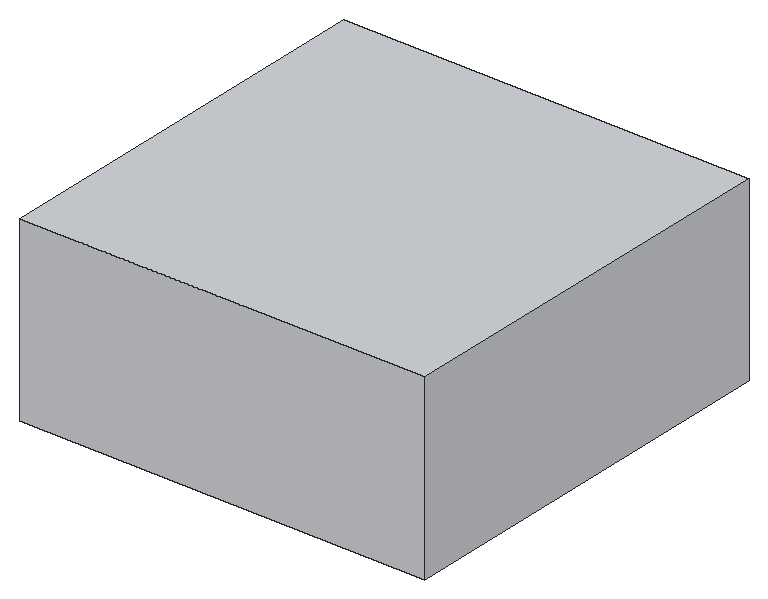
Revit family "M_Caixa de junção do conduíte - T - Alumínio", category Conexões do conduite, Revit 2019
Family settings
  Cota do conector redondo = Usar raio
  Tipo de parte = Tê
  Número OmniClass = 23.80.30.17.11
  Título OmniClass = Conduits
  ID de item do Seek = Conduit Junction Box - Tee - Aluminum-0000-CAN-ENU
  Com base no plano de trabalho = Não
  Sempre na vertical = Sim
  Corte com vazios quando carregada = Não
  Compartilhado = Não
Parameters (values of type "Padrão")
  Largura [instance] = Comprimento  # 116 mm
  Raio nominal 3 [instance] = 8 mm
  Raio nominal 2 [instance] = 8 mm
  Raio nominal 1 [instance] = 8 mm
  Diâmetro nominal 3 [instance] = Raio nominal 3 * 2  # 16 mm
  Diâmetro nominal 2 [instance] = Raio nominal 2 * 2  # 16 mm
  Diâmetro nominal 1 [instance] = Raio nominal 1 * 2  # 16 mm
  Diâmetro nominal máximo 13 [instance] = if(Diâmetro nominal 1 > Diâmetro nominal 3, Diâmetro nominal 1, Diâmetro nominal 3)  # 16 mm
  Diâmetro nominal máximo 123 [instance] = if(Diâmetro nominal máximo 12 > Diâmetro nominal máximo 13, Diâmetro nominal máximo 12, Diâmetro nominal máximo 13)  # 16 mm
  Diâmetro nominal máximo 12 [instance] = if(Diâmetro nominal 1 > Diâmetro nominal 2, Diâmetro nominal 1, Diâmetro nominal 2)  # 16 mm
  Altura [instance] = if(not(Diâmetro nominal máximo 123 > 27 mm), 52 mm, if(Diâmetro nominal máximo 123 < 155 mm, 152 mm, Diâmetro nominal máximo 123 * 1.2))  # 52 mm
  Comprimento [instance] = if(not(Diâmetro nominal máximo 123 > 27 mm), 116 mm, 6 * Diâmetro nominal máximo 123)  # 116 mm
Reference planes
  plane 1 "Centro (Frente/Trás)": y = 0
  plane 2: z = 0
  plane 3 "Centro (Esquerda/Direita)": x = 0
  plane 4: x = -58
  plane 5: x = 58
  plane 6: y = 58
  plane 7: y = -58
  plane 8: z = 26
  plane 9: z = -26
Forms (mm)
  Extrusion 1, solid
    sketch origin (0, 0, 0) x (1, 0, 0) y (0, 1, 0)
      loop
        line (-58, 58) -> (-58, -58) -> (58, -58) -> (58, 58) -> (-58, 58)
    from -26 to 26
Dimensions and locks
  equal spacing: plane 4, plane 3 "Centro (Esquerda/Direita)", plane 5
  "Comprimento": plane 4 to plane 5
  equal spacing: plane 6, plane 1 "Centro (Frente/Trás)", plane 7
  "Largura": plane 6 to plane 7
  equal spacing: plane 8, plane 2, plane 9
  "Altura": plane 8 to plane 9
  aligned and locked: Extrusion 1 sketch curve to plane 6
  aligned and locked: plane 4 to Extrusion 1 sketch curve
  aligned and locked: plane 7 to Extrusion 1 sketch curve
  aligned and locked: Extrusion 1 sketch curve to plane 5
  aligned and locked: Extrusion 1 to plane 9
  aligned and locked: plane 8 to Extrusion 1
Connectors
  cabletrayconduit at (-58, 0, 0), diameter 16, driven by "Raio nominal 1"
    settings: on Extrusion 1, index 1, connector width 304.8 mm, connector height 304.8 mm, connector angle 0.00°, system type 32, placement type 0, profile type 0, connector reference index 2, is primary connector yes, connector utility param no, connector description ""
  cabletrayconduit at (58, 0, 0), diameter 16, driven by "Raio nominal 2"
    settings: on Extrusion 1, index 2, connector width 304.8 mm, connector height 304.8 mm, connector angle 0.00°, system type 32, placement type 0, profile type 0, connector reference index 1, is primary connector no, connector utility param no, connector description ""
  cabletrayconduit at (0, -58, 0), diameter 16, driven by "Raio nominal 3"
    settings: on Extrusion 1, index 3, connector width 304.8 mm, connector height 304.8 mm, connector angle 0.00°, system type 32, placement type 0, profile type 0, connector reference index -1, is primary connector no, connector utility param no, connector description ""
